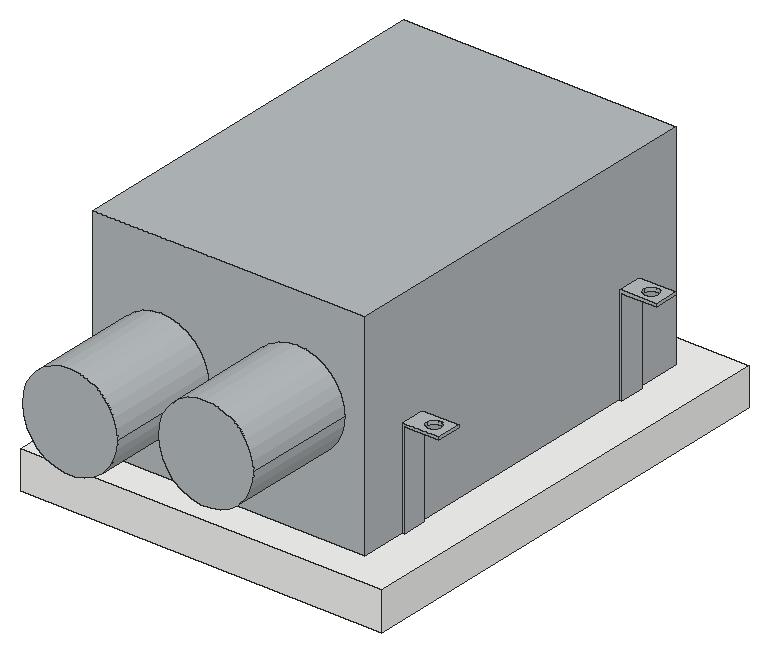
Revit family "v-142_243bz(l)5_50Hz", category 機械設備, Revit 2019
Family settings
  丸型コネクタ寸法 = 直径を使用
  パーツ タイプ = 標準
  OmniClass 番号 = 23.75.35.17.27
  OmniClass タイトル = Centrifugal Fans
  作業面ベース = いいえ
  常に垂直 = はい
  ロード時にボイドで切り取り = いいえ
  共有 = いいえ
  部屋計算ポイント = はい
Parameters (values of type "V-142BZ5")
  騒音レベル(dB(A)) [instance] = 45
  風量 [instance] = 170.0 m³/h
  電源種別 [instance] = ""
  電圧 = 100 V
  電動機出力 = 0 W
  電動機_種別 [instance] = ""
  運転質量 = 0.00 kg
  連動 [instance] = ""
  質量 = if(製品質量 > 運転質量, 製品質量, 運転質量) * 1.2  # 10.68 kg
  負荷分類 = 3_ファン類
  説明 = "バス乾燥・暖房・換気システム 標準タイプ 2部屋用"
  設計風量 [instance] = 0.0 m³/h
  設置方法 = "カセット形"
  記号 [instance] = ""
  製造元 = "三菱電機株式会社"
  製品質量 = 8.90 kg
  製品出荷対象 = "国内"
  製品リリース年月 = "2022年5月10日"
  製品グループ = ""
  系統 [instance] = ""
  符号 [instance] = if(☑給気／□排気, "FS", "FE")  # "FE"
  積算_科目 = "2 換気設備"
  積算_拾い区分 [instance] = ""
  相 = 1
  盤記号 [instance] = ""
  発停方法 [instance] = ""
  特殊仕様 [instance] = ""
  点検口離隔 = 150 mm
  点検口_Depth = 450 mm
  点検口 = yes
  火災停止 [instance] = ""
  消費電力 = 1250 W
  法定耐用年数 = "10"
  機外静圧 [instance] = 0.0 Pa
  極数 = 2
  材質 [instance] = ""
  操作・制御方式 = ""
  操作・制御スイッチ = ""
  排気量 [instance] = if(☑給気／□排気, 0.0 m³/h, 設計風量)  # 0.0 m³/h
  形式 = ""
  幹線記号 [instance] = ""
  対象室 [instance] = ""
  実風量 [instance] = 0.0 m³/h
  始動方式 [instance] = "直入"
  天吊金具ピッチ2 = 279.6 mm
  天吊金具ピッチ1 = 326.5 mm
  天吊金具_高さ = 99 mm
  天吊金具_径 = 15 mm
  外気量 [instance] = if(☑給気／□排気, 設計風量, 0.0 m³/h)  # 0.0 m³/h
  呼称 = "天井扇"
  周波数 = 50 Hz
  参照している仕様書等のバージョン = ""
  分類コード = "50052503100080"
  分類グループ = ""
  価格 = 124600
  企業コード = "108420"
  付属品_防振装置 = ""
  付属品 [instance] = ""
  仕様書バージョン = "Version1.0"
  モデル = "V-142BZ5"
  マテリアル = 亜鉛メッキ鋼板
  ファンの種類 = ""
  ダクト径 = 100 mm
  コメント [instance] = ""
  Keynote = ""
  カバーマテリアル = 合成樹脂(白)
  ☑給気／□排気 [instance] = no
  Width = 280 mm
  W1 = 372 mm
  Version = ""
  Uniclass2015Version = "Systems v1.9"
  Uniclass2015Title = "Centrifugal fans"
  Uniclass2015Code = "Pr_65_67_29_12"
  URL = "https://www.mitsubishielectric.co.jp/ldg/wink/ssl/displayProduct.do?pid=320525"
  SpecificationReference = ""
  SpecificationDescription = ""
  Revision = ""
  RAダクト接続口_A = yes
  RAダクト接続口_B = no
  RAダクト接続口_C = no
  RAサイズ_D = 98 mm
  ProductInformation = ""
  OmniClassCode = "23-33 31 19 11 15"
  MIN風量 = 95.0 m³/h
  MIN静圧 = 0.0 Pa
  MID風量 = 0.0 m³/h
  MID静圧 = 0.0 Pa
  MAX風量 = 170.0 m³/h
  MAX静圧 = 0.0 Pa
  IfcTypeProduct = ""
  IfcProduct = ""
  IfcExportType = "PROPELLORAXIAL"
  IfcExportAs = "IfcFanType"
  Height = 220 mm
  H1 = 39 mm
  EAサイズ_D = 98 mm
  Duct_RA_H = 101 mm
  Duct_RA_EA_W = 70 mm
  Duct_EA_H = 121 mm
  Duct_Depth = 117 mm
  DuctChange_D = 53.6 mm
  Depth = 400 mm
  D1 = 472 mm
  Author = "三菱電機株式会社"
Types (6, lengths in mm): name | 騒音レベル(dB(A)) | 風量 | 電圧 | 質量 | 説明 | 製品質量 | 消費電力 | 極数 | 価格 | モデル | URL | RAダクト接続口_B | MIN風量 | MAX風量 | Height
  V-142BZL5 | 45 | 170.0 m³/h | 100 V | 10.20 kg | "バス乾燥・暖房・換気システム 標準タイプ 2部屋用" | 8.50 kg | 1230 W | 2 | 150700 | "V-142BZL5" | "https://www.mitsubishielectric.co.jp/ldg/wink/ssl/displayProduct.do?pid=320526" | no | 95.0 m³/h | 170.0 m³/h | 200
  V-143BZL5 | 44 | 170.0 m³/h | 100 V | 10.44 kg | "バス乾燥・暖房・換気システム 標準タイプ 3部屋用" | 8.70 kg | 1230 W | 2 | 153000 | "V-143BZL5" | "https://www.mitsubishielectric.co.jp/ldg/wink/ssl/displayProduct.do?pid=320529" | yes | 95.0 m³/h | 170.0 m³/h | 200
  V-142BZ5 | 45 | 170.0 m³/h | 100 V | 10.68 kg | "バス乾燥・暖房・換気システム 標準タイプ 2部屋用" | 8.90 kg | 1250 W | 2 | 124600 | "V-142BZ5" | "https://www.mitsubishielectric.co.jp/ldg/wink/ssl/displayProduct.do?pid=320525" | no | 95.0 m³/h | 170.0 m³/h | 220
  V-143BZ5 | 45 | 170.0 m³/h | 100 V | 10.92 kg | "バス乾燥・暖房・換気システム 標準タイプ 3部屋用" | 9.10 kg | 1250 W | 2 | 126900 | "V-143BZ5" | "https://www.mitsubishielectric.co.jp/ldg/wink/ssl/displayProduct.do?pid=320528" | yes | 95.0 m³/h | 170.0 m³/h | 220
  V-242BZL5 | 47 | 195.0 m³/h | 200 V | 10.68 kg | "バス乾燥・暖房・換気システム 標準タイプ 2部屋用" | 8.90 kg | 2000 W | 3 | 176800 | "V-242BZL5" | "https://www.mitsubishielectric.co.jp/ldg/wink/ssl/displayProduct.do?pid=320491" | no | 110.0 m³/h | 195.0 m³/h | 200
  V-243BZL5 | 47 | 195.0 m³/h | 200 V | 11.04 kg | "バス乾燥・暖房・換気システム 標準タイプ 3部屋用" | 9.20 kg | 2000 W | 3 | 179000 | "V-243BZL5" | "https://www.mitsubishielectric.co.jp/ldg/wink/ssl/displayProduct.do?pid=320492" | yes | 110.0 m³/h | 195.0 m³/h | 200
Reference planes
  plane 1 "中心(正面/背面)": y = 0
  plane 2: z = 0
  plane 3 "中心(左/右)": x = 0
  plane 4: x = -186
  plane 5: x = 186
  plane 6: y = 236
  plane 7: y = -236
  plane 8: x = -140
  plane 9: x = 140
  plane 10: y = 200
  plane 11: y = -200
  plane 12: y = -317
  plane 13: z = 220
  plane 14: z = -39
  plane 15: z = 101
  plane 16: x = -163.25
  plane 17: x = 163.25
  plane 18: y = 139.8
  plane 19: y = -139.8
  plane 20: x = 70
  plane 21: x = -70
  plane 22: y = -53.6
  plane 23: x = -257
  plane 24: x = 257
  plane 25: x = -290
  plane 26: x = -740
  plane 27: y = 225
  plane 28: y = -225
  plane 29: z = 121
  plane 30: x = -143
  plane 31: x = 143
  plane 32: z = 102
  plane 33: z = 99
Forms (mm)
  Extrusion 1, solid, material "亜鉛メッキ鋼板" <- "マテリアル", detail levels fine
    sketch origin (0, 0, 0) x (1, 0, 0) y (0, 1, 0)
      loop
        line (-140, 200) -> (-140, -200) -> (140, -200) -> (140, 200) -> (-140, 200)
    from 0 to 220
  Extrusion 2, solid, material "合成樹脂(白)" <- "カバーマテリアル", detail levels fine
    sketch origin (0, 0, 0) x (1, 0, 0) y (0, 1, 0)
      loop
        line (-186, 236) -> (-186, -236) -> (186, -236) -> (186, 236) -> (-186, 236)
    from 0 to -39
  Extrusion 3, solid, material "亜鉛メッキ鋼板" <- "マテリアル", detail levels fine
    sketch origin (0, 0, 0) x (1, 0, 0) y (0, 0, 1)
      loop
        circle (70, 121) r 49
    from 200 to 317
  Extrusion 4, solid, material "亜鉛メッキ鋼板" <- "マテリアル", visible <- "RAダクト接続口_A", detail levels fine
    sketch origin (0, 0, 0) x (1, 0, 0) y (0, 0, 1)
      loop
        circle (-70, 101) r 49
    from 200 to 317
  Extrusion 5, solid, material "亜鉛メッキ鋼板" <- "マテリアル", visible <- "RAダクト接続口_C", detail levels fine
    sketch origin (0, 0, 0) x (0, 1, 0) y (0, 0, 1)
      loop
        circle (-53.6, 101) r 49
    from 140 to 257
  Extrusion 6, solid, material "亜鉛メッキ鋼板" <- "マテリアル", visible <- "RAダクト接続口_B", detail levels fine
    sketch origin (0, 0, 0) x (0, 1, 0) y (0, 0, 1)
      loop
        circle (-53.6, 101) r 49
    from -257 to -140
  Extrusion 7, solid, material "亜鉛メッキ鋼板" <- "マテリアル", detail levels fine
    sketch origin (0, 0, 0) x (1, 0, 0) y (0, 1, 0)
      loop
        line (-140, -127.3) -> (-178.25, -127.3) -> (-178.25, -152.3) -> (-140, -152.3) -> (-140, -127.3)
      loop
        circle (-163.25, -139.8) r 7.5
      loop
        line (-140, 152.3) -> (-178.25, 152.3) -> (-178.25, 127.3) -> (-140, 127.3) -> (-140, 152.3)
      loop
        line (140, -127.3) -> (140, -152.3) -> (178.25, -152.3) -> (178.25, -127.3) -> (140, -127.3)
      loop
        line (140, 152.3) -> (140, 127.3) -> (178.25, 127.3) -> (178.25, 152.3) -> (140, 152.3)
      loop
        circle (-163.25, 139.8) r 7.5
      loop
        circle (163.25, 139.8) r 7.5
      loop
        circle (163.25, -139.8) r 7.5
    from 99 to 102
  Extrusion 8, solid, material "亜鉛メッキ鋼板" <- "マテリアル", detail levels fine
    sketch origin (0, 0, 0) x (1, 0, 0) y (0, 1, 0)
      loop
        line (-143, -127.3) -> (-143, -152.3) -> (-140, -152.3) -> (-140, -127.3) -> (-143, -127.3)
      loop
        line (-143, 152.3) -> (-143, 127.3) -> (-140, 127.3) -> (-140, 152.3) -> (-143, 152.3)
      loop
        line (143, 152.3) -> (140, 152.3) -> (140, 127.3) -> (143, 127.3) -> (143, 152.3)
      loop
        line (143, -127.3) -> (140, -127.3) -> (140, -152.3) -> (143, -152.3) -> (143, -127.3)
    from 0 to 102
Cuts and joins
  joined: Extrusion 7, Extrusion 8
Dimensions and locks
  equal spacing: plane 4, plane 3 "中心(左/右)", plane 5
  "W1": plane 4 to plane 5
  equal spacing: plane 6, plane 1 "中心(正面/背面)", plane 7
  "D1": plane 6 to plane 7
  equal spacing: plane 8, plane 3 "中心(左/右)", plane 9
  "Width": plane 8 to plane 9
  equal spacing: plane 10, plane 1 "中心(正面/背面)", plane 11
  "Depth": plane 10 to plane 11
  "Duct_Depth": plane 11 to plane 12
  "Height": plane 13 to plane 2
  "Duct_RA_H": plane 15 to plane 2
  equal spacing: plane 16, plane 3 "中心(左/右)", plane 17
  "天吊金具ピッチ1": plane 16 to plane 17
  equal spacing: plane 18, plane 1 "中心(正面/背面)", plane 19
  "天吊金具ピッチ2": plane 18 to plane 19
  "H1": plane 2 to plane 14
  "Duct_RA_EA_W": plane 20 to plane 3 "中心(左/右)"
  "Duct_RA_EA_W": plane 21 to plane 3 "中心(左/右)"
  "DuctChange_D": plane 1 "中心(正面/背面)" to plane 22
  "Duct_Depth": plane 23 to plane 8
  "Duct_Depth": plane 9 to plane 24
  "点検口_Depth": plane 27 to plane 28
  equal spacing: plane 27, plane 1 "中心(正面/背面)", plane 28
  "点検口_Depth": plane 26 to plane 25
  "点検口離隔": plane 25 to plane 8
  "Duct_EA_H": plane 29 to level
  Extrusion 7 sketch curve to Extrusion 7 sketch curve = 25 mm  (x4)
  equal spacing: Extrusion 7 sketch curve, plane 19, Extrusion 7 sketch curve  (x2)
  Extrusion 7 sketch curve to plane 16 = 15 mm  (x2)
  equal spacing: Extrusion 7 sketch curve, plane 18, Extrusion 7 sketch curve  (x2)
  plane 17 to Extrusion 7 sketch curve = 15 mm  (x2)
  plane 9 to plane 31 = 3 mm
  plane 30 to plane 8 = 3 mm
  plane 32 to plane 33 = 3 mm
  "天吊金具_高さ": plane 33 to plane 2
  "RAサイズ_D": diameter of Extrusion 4 sketch curve
  "RAサイズ_D": diameter of Extrusion 5 sketch curve
  "RAサイズ_D": diameter of Extrusion 6 sketch curve
  "EAサイズ_D": diameter of Extrusion 3 sketch curve
  "天吊金具_径": diameter of Extrusion 7 sketch curve  (x4)
  aligned and locked: level to plane 2
  aligned and locked: plane 5 to Extrusion 2
  aligned and locked: plane 6 to Extrusion 2
  aligned and locked: Extrusion 2 to plane 4
  aligned and locked: Extrusion 2 to plane 7
  aligned and locked: plane 9 to Extrusion 1
  aligned and locked: Extrusion 1 to plane 11
  aligned and locked: Extrusion 1 to plane 8
  aligned and locked: plane 10 to Extrusion 1
  aligned and locked: plane 13 to Extrusion 1
  aligned and locked: Extrusion 2 to plane 14
  aligned and locked: level to Extrusion 2
  aligned and locked: Extrusion 1 to level
  aligned and locked: Extrusion 3 to plane 12
  aligned and locked: plane 11 to Extrusion 3
  aligned and locked: nested 2 to plane 16
  aligned and locked: nested 2 to plane 17
  aligned and locked: nested 2 to plane 19
  aligned and locked: nested 2 to plane 18
  aligned and locked: Extrusion 4 to plane 12
  aligned and locked: plane 11 to Extrusion 4
  aligned and locked: Extrusion 6 to plane 23
  aligned and locked: plane 8 to Extrusion 6
  aligned and locked: plane 24 to Extrusion 5
  aligned and locked: Extrusion 5 to plane 9
  aligned and locked: plane 25 to nested 3
  aligned and locked: plane 26 to nested 3
  aligned and locked: plane 28 to nested 3
  aligned and locked: plane 27 to nested 3
  aligned and locked: plane 8 to Extrusion 7 sketch curve
  aligned and locked: plane 9 to Extrusion 7 sketch curve  (x2)
  aligned and locked: Extrusion 8 sketch curve to Extrusion 7  (x10)
  aligned and locked: plane 30 to Extrusion 8 sketch curve  (x2)
  aligned and locked: Extrusion 7 to Extrusion 8 sketch curve  (x2)
  aligned and locked: plane 31 to Extrusion 8 sketch curve  (x2)
  aligned and locked: plane 32 to Extrusion 7
  aligned and locked: Extrusion 7 to plane 33
  aligned and locked: plane 32 to Extrusion 8
  aligned and locked: Extrusion 8 to plane 2
Automatic sketch dimensions
  Extrusion 4 sketch curve to plane 15 = 0 mm
  plane 21 to Extrusion 4 sketch curve = 0 mm
  Extrusion 5 sketch curve to plane 15 = 0 mm
  Extrusion 5 sketch curve to plane 22 = 0 mm
  Extrusion 6 sketch curve to plane 15 = 0 mm
  Extrusion 6 sketch curve to plane 22 = 0 mm
  Extrusion 3 sketch curve to plane 20 = 0 mm
  Extrusion 3 sketch curve to plane 29 = 0 mm
  Extrusion 1 sketch curve to plane 8 = 0 mm
  Extrusion 1 sketch curve to plane 9 = 0 mm
  Extrusion 1 sketch curve to plane 11 = 0 mm
  Extrusion 1 sketch curve to plane 10 = 0 mm
  Extrusion 2 sketch curve to plane 4 = 0 mm
  Extrusion 2 sketch curve to plane 5 = 0 mm
  Extrusion 2 sketch curve to plane 7 = 0 mm
  Extrusion 2 sketch curve to plane 6 = 0 mm
  Extrusion 7 sketch curve to plane 16 = 0 mm  (x2)
  Extrusion 7 sketch curve to plane 8 = 0 mm
  Extrusion 7 sketch curve to plane 17 = 0 mm  (x2)
  Extrusion 7 sketch curve to plane 19 = 0 mm  (x2)
  Extrusion 7 sketch curve to plane 18 = 0 mm  (x2)
Nested families
  nested 1: "記号_天井換気扇_平面" at (0, 0, 0), type "記号_天井換気扇_平面", detail levels coarse+medium
  nested 2: "固定点" at (-163.25, -139.8, 0), type "固定点"
    with W 326.5 mm, D 279.6 mm
  nested 3: "点検口設置範囲" at (-515, 0, 0), visible <- "点検口", type "点検口設置範囲"
    with Width 450 mm, Depth 450 mm
Connectors
  hvac at (70, -317, 121), driven by "ダクト径", driven by "風量", driven by "機外静圧"
    settings: on Extrusion 3, index 1, duct flow 170.0 m³/h, flow factor 0, pres drop 0.0 Pa, loss coef 0, conn angle 0.00°, conn width 304.8 mm, conn height 304.8 mm, conn diameter 100 mm, duct sys type 3, conn prof type 0, flow config 0, flow direction 2, loss method 4, conn ref index -1, conn util no, is conn primary yes, conn desc ""
  hvac at (-70, -317, 101), driven by "ダクト径", driven by "機外静圧", driven by "風量"
    settings: on Extrusion 4, index 3, duct flow 170.0 m³/h, flow factor 0, pres drop 0.0 Pa, loss coef 0, conn angle 0.00°, conn width 304.8 mm, conn height 304.8 mm, conn diameter 100 mm, duct sys type 2, conn prof type 0, flow config 0, flow direction 1, loss method 4, conn ref index -1, conn util no, is conn primary no, conn desc ""
  hvac at (257, -53.6, 101), driven by "ダクト径", driven by "機外静圧", driven by "風量"
    settings: on Extrusion 5, index 4, duct flow 170.0 m³/h, flow factor 0, pres drop 0.0 Pa, loss coef 0, conn angle 0.00°, conn width 304.8 mm, conn height 304.8 mm, conn diameter 100 mm, duct sys type 2, conn prof type 0, flow config 0, flow direction 1, loss method 4, conn ref index -1, conn util no, is conn primary no, conn desc ""
  hvac at (-257, -53.6, 101), driven by "ダクト径", driven by "機外静圧", driven by "風量"
    settings: on Extrusion 6, index 5, duct flow 170.0 m³/h, flow factor 0, pres drop 0.0 Pa, loss coef 0, conn angle 0.00°, conn width 304.8 mm, conn height 304.8 mm, conn diameter 100 mm, duct sys type 2, conn prof type 0, flow config 0, flow direction 1, loss method 4, conn ref index -1, conn util no, is conn primary no, conn desc ""
  electrical at (0, 0, 220), driven by "極数", driven by "負荷分類", driven by "電圧", driven by "消費電力"
    settings: on Extrusion 1, index 6, voltage 100 V, apparent load 1250 VA, apparent load phase1 0 VA, apparent load phase2 0 VA, apparent load phase3 0 VA, power factor 1, load classification "3_ファン類", number of poles 2, system type 30, power factor state 1, is connector primary yes, connector utility no, sub classification motor no, connector description ""
Definition of nested family "記号_天井換気扇_平面"
  Reference planes
    plane 1: y = 0
    plane 2: x = 0
  Lines and regions (mm)
    detail lines
      curve 1: line (-2.5, 2.5, 0) -> (2.5, 2.5, 0)
      curve 2: line (-2.5, -2.5, 0) -> (-2.5, 2.5, 0)
      curve 3: line (2.5, -2.5, 0) -> (-2.5, -2.5, 0)
      curve 4: line (2.5, 2.5, 0) -> (2.5, -2.5, 0)
      curve 5: circle (-1.04, -1.04, 0) r 1.46 normal (0, 0, 1)
      curve 6: circle (1.04, 1.04, 0) r 1.46 normal (0, 0, 1)
      curve 7: line (-3.125, 3.125, 0) -> (3.125, 3.125, 0)
      curve 8: line (-3.125, -3.125, 0) -> (-3.125, 3.125, 0)
      curve 9: line (3.125, -3.125, 0) -> (-3.125, -3.125, 0)
      curve 10: line (3.125, 3.125, 0) -> (3.125, -3.125, 0)
      curve 11: circle (1.295, 1.295, 0) r 1.83 normal (0, 0, 1)
      curve 12: circle (-1.295, -1.295, 0) r 1.83 normal (0, 0, 1)
      curve 13: line (-2, 2, 0) -> (2, 2, 0)
      curve 14: line (-2, -2, 0) -> (-2, 2, 0)
      curve 15: line (2, -2, 0) -> (-2, -2, 0)
      curve 16: line (2, 2, 0) -> (2, -2, 0)
      curve 17: circle (0.84, 0.84, 0) r 1.16 normal (0, 0, 1)
      curve 18: circle (-0.84, -0.84, 0) r 1.2 normal (0, 0, 1)
Definition of nested family "固定点"
  Parameters (values of type "固定点")
    中心円 = 20 mm
    W [instance] = 1000 mm
    D [instance] = 1000 mm
  Reference planes
    plane 1 "中心(正面/背面)": y = 0
    plane 2: z = 0
    plane 3 "中心(左/右)": x = 0
    plane 4: x = 1000
    plane 5: y = 1000
  Lines and regions (mm)
    symbolic lines, detail levels fine
      curve 1: circle (0, 1000, 0) r 10 normal (0, 0, 1)
      curve 2: circle (0, 0, 0) r 10 normal (0, 0, 1)
      curve 3: circle (1000, 1000, 0) r 10 normal (0, 0, 1)
      curve 4: circle (1000, 0, 0) r 10 normal (0, 0, 1)
      curve 5: line (-200, 1000, 0) -> (1200, 1000, 0)
      curve 6: line (-200, 0, 0) -> (1200, 0, 0)
      curve 7: line (0, 1200, 0) -> (0, -200, 0)
      curve 8: line (1000, 1200, 0) -> (1000, -200, 0)
  Dimensions and locks
    "W": plane 3 "中心(左/右)" to plane 4
    "D": plane 1 "中心(正面/背面)" to plane 5
    "中心円": diameter of curve 1
    "中心円": diameter of curve 2
    "中心円": diameter of curve 3
    "中心円": diameter of curve 4
    aligned and locked: level to plane 2
    aligned and locked: plane 5 to curve 1
    aligned and locked: plane 3 "中心(左/右)" to curve 1
    aligned and locked: plane 3 "中心(左/右)" to curve 2
    aligned and locked: plane 1 "中心(正面/背面)" to curve 2
    aligned and locked: plane 4 to curve 3
    aligned and locked: plane 5 to curve 3
    aligned and locked: plane 1 "中心(正面/背面)" to curve 4
    aligned and locked: plane 4 to curve 4
    aligned and locked: plane 1 "中心(正面/背面)" to curve 6
    aligned and locked: curve 7 to plane 3 "中心(左/右)"
    aligned and locked: curve 8 to plane 4
  Automatic sketch dimensions
    curve 5 to plane 5 = 0 mm
    curve 6 to plane 3 "中心(左/右)" = 200 mm
    curve 5 to plane 3 "中心(左/右)" = 200 mm
    curve 4 to curve 6 = 200 mm
    curve 3 to curve 5 = 200 mm
    plane 1 "中心(正面/背面)" to curve 8 = 200 mm
    plane 1 "中心(正面/背面)" to curve 7 = 200 mm
    curve 3 to curve 8 = 200 mm
    curve 1 to curve 7 = 200 mm
Definition of nested family "点検口設置範囲"
  Parameters (values of type "点検口設置範囲")
    Width [instance] = 1000 mm
    Depth [instance] = 700 mm
  Reference planes
    plane 1 "中心(正面/背面)": y = 0
    plane 2: z = 0
    plane 3 "中心(左/右)": x = 0
    plane 4: x = -500
    plane 5: x = 500
    plane 6: y = -350
    plane 7: y = 350
  Lines and regions (mm)
    model lines
      curve 1: line (-500, 350, 0) -> (500, 350, 0)
      curve 2: line (-500, -350, 0) -> (-500, 350, 0)
      curve 3: line (500, -350, 0) -> (-500, -350, 0)
      curve 4: line (500, 350, 0) -> (500, -350, 0)
  Dimensions and locks
    "Depth": plane 7 to plane 6
    "Width": plane 4 to plane 5
    equal spacing: plane 7, plane 1 "中心(正面/背面)", plane 6
    equal spacing: plane 4, plane 3 "中心(左/右)", plane 5
    aligned and locked: level to plane 2
    aligned and locked: plane 4 to curve 2
    aligned and locked: curve 1 to plane 7
    aligned and locked: curve 4 to plane 5
    aligned and locked: plane 6 to curve 3
